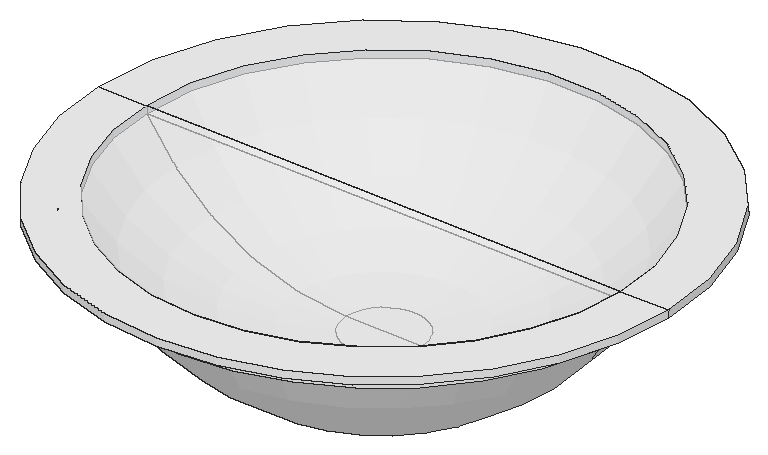
Revit family "0030330 Sylvania Lighting Fixture ST DWNLT 225 IP44 2275LM 830", category Lighting Fixtures, host Face, Revit 2016
Family settings
  Host = Face
  Part Type = Normal
  Round Connector Dimension = Use Diameter
  OmniClass Number = 23.80.70.00
  OmniClass Title = Lighting
  Cut with Voids When Loaded = No
  Light Source = Yes
  Shared = No
  Room Calculation Point = No
Parameters (values of type "0030330 ST DWNLT 225 IP44 2275LM 830")
  Weight = "kg"
  Wattage Comments = ""
  Wattage = 25 W
  WarrantyStartDate [instance] = "n/a"
  WarrantyGuarantorParts = "n/a"
  WarrantyDurationUnit = "n/a"
  WarrantyDurationParts = "n/a"
  WarrantyDescription = "n/a"
  built-in parameter 1150110 = 1 (stored number, unit not read)
  Voltage = 230 V
  URL = "http://www.sylvania-lighting.com"
  TypeName = "ST DWNLT 225 IP44 2275LM 830"
  Type Image = <None>
  Type Comments = "n/a"
  built-in parameter 1114217 = 1 (stored number, unit not read)
  Tilt Angle = -90.00°
  built-in parameter 1150109 = 1 (stored number, unit not read)
  built-in parameter 1150134 = (empty or 0)
  built-in parameter 1150113 = 1 (stored number, unit not read)
  SerialNumber [instance] = "n/a"
  S_SYL = no
  RadiusTop_SYL = if(S_SYL, 80 mm, if(M_SYL, 100 mm, if(L_SYL, 120 mm, 120 mm)))  # 120 mm
  Photometric Web File = "0030330.ies"
  Material_3_FEILO = Top-Sylvania-STARTDownlight
  PowerFactor = 0.9
  PowerConsumption = "25 W"
  NominalLength = 240 mm
  NominalHeight = 62 mm
  NominalDepth = 240 mm
  Name = "ST DWNLT 225 IP44 2275LM 830"
  ModelReference = Name  # "ST DWNLT 225 IP44 2275LM 830"
  ModelNumber = "0030330"
  Model = Name  # "ST DWNLT 225 IP44 2275LM 830"
  Material = "aluminium housing, polycarbonate diffuser"
  ManufacturerName = "Feilo Sylvania"
  Manufacturer = "Feilo Sylvania"
  M_SYL = no
  LuminousEfficacy = "91 lm/W"
  built-in parameter 1150105 = 1256 (stored number, unit not read)
  Lumens = 2275 lm
  LuminaireType = ""
  built-in parameter 1150115 = 1 (stored number, unit not read)
  LightOutputRatio = "100"
  built-in parameter 1150137 = (empty or 0)
  built-in parameter 1150139 = (empty or 0)
  LampsType = Lamp  # "LED"
  LampNominalLuminous = "2275 lm"
  LampMacAdamStep = "5"
  LampColourTemperature = "3000 K"
  LampColourRenderingIndex = "80"
  built-in parameter 1150112 = 1 (stored number, unit not read)
  built-in parameter 1150114 = 1 (stored number, unit not read)
  Lamp = "LED"
  L_SYL = no
  Keynote = "16500"
  InstallationDate [instance] = "n/a"
  InputVoltage = "220-240V~"
  InputNominalFrequency = "50/60 Hz"
  built-in parameter 1150132 = (empty or 0)
  built-in parameter 1150102 = (empty or 0)
  built-in parameter 1150107 = 3000 (stored number, unit not read)
  built-in parameter 1150138 = (empty or 0)
  IngressProtection = "IP20/44"
  ImpactProtectionIndex = "IK07"
  built-in parameter 1150106 = 12.56 (stored number, unit not read)
  IfcExportType = "IfcLightFixtureType"
  IfcExportAs = "IfcLightFixtureType"
  Height_SYL = if(S_SYL, 41 mm, if(M_SYL, 47 mm, if(L_SYL, 56 mm, 62 mm)))  # 62 mm
  ExpectedLife = 50000
  Emit from Circle Diameter = Diameter_SYL - 40 mm  # 200 mm
  Emit Shape Visible in Rendering = no
  ElectricShockClassification = "Class II"
  built-in parameter 1150104 = 8.4542 (stored number, unit not read)
  DurationUnit = "hours"
  DocumentationLiterature = "http://www.sylvania-lighting.com/product/en-int/products/0030330"
  DimmingControlOptions = "Non dimmable"
  Material_2_FEILO = Diffuser-Sylvania-STARTDownlight
  Dimming Lamp Color Temperature Shift = <None>
  Diameter_SYL = if(S_SYL, 164 mm, if(M_SYL, 193 mm, if(L_SYL, 220 mm, 240 mm)))  # 240 mm
  DiameterTop_SYL = if(S_SYL, 77 mm, if(M_SYL, 81 mm, if(L_SYL, 104 mm, 105 mm)))  # 105 mm
  DiameterRecess_SYL = if(S_SYL, 141 mm, if(M_SYL, 169 mm, if(L_SYL, 198 mm, 216 mm)))  # 216 mm
  Description = ""
  Default Elevation = 1219.2 mm
  CreatedOn = "8/1/2018"
  CreatedBy = "@sylvania-lighting.com"
  Cost = 0
  Color Filter = 16777215
  built-in parameter 1114216 [instance] = (empty or 0)
  ClassificationValue = "EF_70_80"
  ClassificationName = "Uniclass2015"
  Material_1_FEILO = Trim-Sylvania-STARTDownlight-White
  BarCode [instance] = "n/a"
  built-in parameter 1114218 = 1 (stored number, unit not read)
  built-in parameter 1150133 = 10 (stored number, unit not read)
  AssetType = "Fixed"
  AssetIdentifier [instance] = "n/a"
  Assembly Code = "D5020200"
  Apparent Load = 25 VA
  Material_4_FEILO = LED-Sylvania-STARTDownlight
Reference planes
  plane 1 "Center (Front/Back)": y = 0
  plane 2: z = 0
  plane 3 "Center (Left/Right)": x = 0
  plane 4: x = 120
  plane 5: x = -120
  plane 6: z = 3
  plane 7: z = -8
  plane 8: z = -57
  plane 9: z = -59
  plane 10: x = -108
  plane 11: x = 108
  plane 12: x = -52.5
  plane 13: x = 52.5
  plane 14: x = -100
  plane 15: x = 100
  plane 16: z = -85
  plane 17: x = -100
  plane 18: z = 2
  plane 19: z = -47
  plane 20: x = -16
Forms (mm)
  Revolve 1, solid
    sketch origin (0, 0, 0) x (1, 0, 0) y (0, 0, 1)
      loop
        line (-120, 3) -> (-120, 0) -> (-108, 0) -> (-108, -8) -> (-100, -8)
        arc (-100, -8) -> (-79.807, -35.948) -> (-52.5, -57) r 120
        line (-52.5, -57) -> (0, -57) -> (0, -47) -> (-16, -47)
        arc (-16, -47) -> (-64.127, -34.451) -> (-100, 0) r 98.564
        line (-100, 0) -> (-100, 3) -> (-120, 3)
      axis (0, 3) -> (0, -57)
    angle from 360 to 0
  Revolve 2, void
    sketch origin (0, 0, 0) x (1, 0, 0) y (0, 0, 1)
      loop
        line (0, 0) -> (-108, 0) -> (-108, -85) -> (0, -85) -> (0, 0)
      axis (0, 0) -> (0, -85)
    angle from 360 to 0
  Revolve 3, solid, material "Diffuser-Sylvania-STARTDownlight" <- "Material_2_FEILO"
    sketch origin (0, 0, 0) x (1, 0, 0) y (0, 0, 1)
      loop
        line (-100, 3) -> (-100, 0) -> (0, 0) -> (0, 3) -> (-100, 3)
      axis (0, 3) -> (0, 0)
    angle from 360 to 0
Dimensions and locks
  equal spacing: plane 4, plane 3 "Center (Left/Right)", plane 5
  "Diameter_SYL": plane 4 to plane 5
  equal spacing: plane 11, plane 3 "Center (Left/Right)", plane 10
  equal spacing: plane 13, plane 3 "Center (Left/Right)", plane 12
  "DiameterTop_SYL": plane 13 to plane 12
  equal spacing: plane 15, plane 3 "Center (Left/Right)", plane 14
  locked: plane 6 to plane 2 at 3
  "Height_SYL": plane 6 to plane 9
  locked: plane 8 to plane 9 at 2
  locked: plane 2 to plane 7 at 8
  locked: plane 2 to plane 16 at 85
  locked: plane 17 to plane 5 at 20
  locked: plane 6 to plane 18 at 1
  "DiameterRecess_SYL": plane 11 to plane 10
  locked: plane 19 to plane 8 at 10
  locked: plane 3 "Center (Left/Right)" to plane 20 at 16
  locked: plane 14 to plane 5 at 20
  "RadiusTop_SYL": radius of Revolve 1 sketch curve
  aligned and locked: plane 2 to host face
  aligned and locked: level to host face
  aligned and locked: Revolve 1 sketch curve to plane 5
  aligned and locked: Revolve 1 sketch curve to level
  aligned and locked: plane 7 to Revolve 1 sketch curve
  aligned and locked: Revolve 1 sketch curve to plane 10
  aligned and locked: plane 14 to Revolve 1 sketch curve
  aligned and locked: plane 3 "Center (Left/Right)" to Revolve 1 sketch curve
  aligned and locked: Revolve 1 sketch curve to plane 8
  aligned and locked: Revolve 1 sketch curve to plane 3 "Center (Left/Right)"
  aligned and locked: Revolve 2 sketch curve to plane 3 "Center (Left/Right)"
  aligned and locked: plane 3 "Center (Left/Right)" to Revolve 2 sketch curve
  aligned and locked: Revolve 2 sketch curve to plane 10
  aligned and locked: plane 16 to Revolve 2 sketch curve
  aligned and locked: Revolve 1 sketch curve to plane 6
  aligned and locked: plane 19 to Revolve 1 sketch curve
  aligned and locked: plane 20 to Revolve 1 sketch curve
  aligned and locked: Revolve 1 sketch curve to Revolve 1 sketch curve
  aligned and locked: plane 17 to Revolve 1 sketch curve
  aligned and locked: plane 2 to Revolve 1 sketch curve
  aligned and locked: Revolve 3 sketch curve to plane 3 "Center (Left/Right)"  (x2)
  aligned and locked: plane 3 "Center (Left/Right)" to imposter light
  aligned and locked: imposter light to plane 18
  aligned and locked: imposter light to plane 1 "Center (Front/Back)"
  aligned and locked: plane 14 to Revolve 3 sketch curve
Automatic sketch dimensions
  host sketch curve to host sketch curve = 2438.4 mm  (x2)
  plane 16 to Revolve 2 sketch curve = 524.6 mm
  Revolve 2 sketch curve to plane 6 = 2606.058 mm
  Revolve 1 sketch curve to plane 12 = 0 mm
  plane 16 to Revolve 1 sketch curve = 524.6 mm
  Revolve 1 sketch curve to Revolve 1 sketch curve = 2581.366 mm
  Revolve 2 sketch curve to level = 0 mm
  Revolve 3 sketch curve to plane 6 = 0 mm
  Revolve 3 sketch curve to level = 0 mm
  plane 16 to Revolve 3 sketch curve = 524.6 mm
  Revolve 3 sketch curve to Revolve 3 sketch curve = 2606.058 mm
Connectors
  electrical at (0, 0, 0), driven by "Apparent Load", driven by "PowerFactor", driven by "Voltage"
    settings: index 1, voltage 230 V, apparent load 25 VA, apparent load phase1 0 VA, apparent load phase2 0 VA, apparent load phase3 0 VA, power factor 0.9, load classification "Lighting", number of poles 1, system type 30, power factor state 1, is connector primary yes, connector utility no, sub classification motor no, connector description ""
